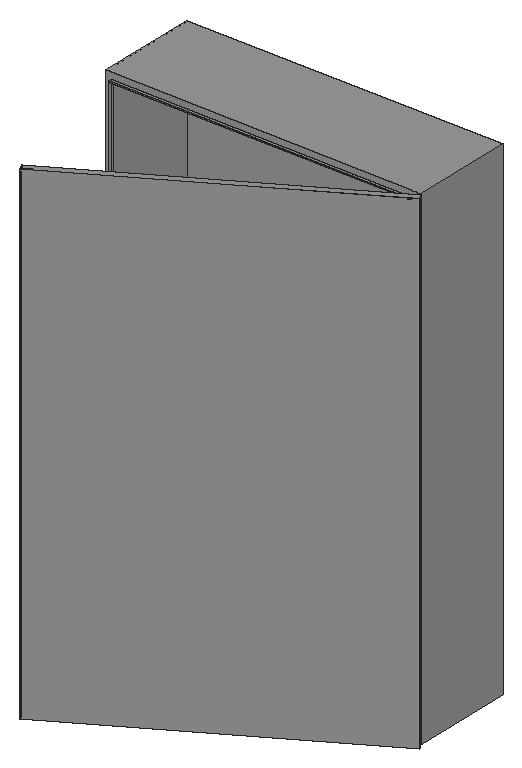
Revit family "Hager-Univers-IP55-D275-H1250-Cl.II-Steel_encl-NoHosted-PL-pl", category Electrical Equipment, Revit 2020
Family settings
  Panel Configuration = Two Columns, Circuits Across
  Round Connector Dimension = Use Diameter
  Part Type = Panelboard
  Work Plane-Based = Yes
  Always vertical = Yes
  Cut with Voids When Loaded = No
  Shared = No
  Room Calculation Point = No
Parameters (values of type "Montaż natynkowy IP55 S800 W1250 G275  - FR83S")
  Width Control [instance] = if([EF000008 - Szerokość] > Min Width, [EF000008 - Szerokość], Min Width)  # 800 mm
  Type Comments = [HG000003 - Zakres]  # "Univers"
  Thickness Door [instance] = if([EF009171 - Drzwi/pokrywa z materiału o wysokiej wytrzymałości mechanicznej] > 3 mm, 3 mm, [EF009171 - Drzwi/pokrywa z materiału o wysokiej wytrzymałości mechanicznej])  # 1.5 mm
  Seal Frame Offset [instance] = 17 mm  # constant formula
  Plinth Visibility [instance] = [HG000027 - Wysokość cokołu] > 0 mm  # no
  Min Width [instance] = 100 mm  # constant formula
  Min Depth [instance] = (2 * [EF009170 - Obudowa z materiału o wysokiej wytrzymałości mechanicznej]) + 1 mm  # 4 mm
  Min Height [instance] = 100 mm  # constant formula
  Internal Frame Depth [instance] = (Door System Depth * 0.5)  # 9 mm
  Panel Name [instance] = ""  # (empty or 0)
  Model = ""
  HG000027 - Wysokość cokołu = 0 mm
  HG000026 - Stojąca = no
  HG000024 - Wysokość części dolnej = 600 mm
  HG000023 - Obudowa dwusekcyjna = no
  HG000016 - Widoczność drzwi w widoku 3D [instance] = yes
  HG000015 - Przestrzeń robocza - otwarcie drzwi [instance] = no
  HG000014 - Drzwi prawe [instance] = yes
  HG000013 - Drzwi lewe [instance] = not([HG000014 - Drzwi prawe])  # no
  HG000012 - Kąt otwarcia drzwi [instance] = 30.00°
  HG000010 - Drzwi asymetryczne = no
  HG000009 - Drzwi dwuskrzydłowe = no
  HG000006 - Montaż podtynkowy = no
  HG000004 - Referencja producenta = "FR83S"
  HG000003 - Zakres = "Univers"
  HG000002 - Z drzwiami lub pokrywą = yes
  Frame Offset Bottom [instance] = 10 mm  # constant formula
  Frame Offset [instance] = 15 mm  # constant formula
  EF015940 - Pokrywa z wyzwalaczem nadciśnieniowym = no
  EF011959 - Stopień ochrony (NEMA) = ""
  EF009554 - Liczba otworów pod flansze = 6
  EF009212 - Wykonanie pokrywy = "EV000116 - Zamknięty"
  EF009171 - Drzwi/pokrywa z materiału o wysokiej wytrzymałości mechanicznej = 1.5 mm
  EF009170 - Obudowa z materiału o wysokiej wytrzymałości mechanicznej = 1.5 mm
  EF008873 - Prąd znamionowy (In) = 800 A
  EF007800 - Do ochrony odgromowej = no
  EF006306 - Z zamkiem = no
  EF006244 - Transparentna pokrywa/drzwi = no
  EF005474 - Stopień ochrony (IP) = "EV006420 - IP55"
  EF004464 - Rodzaj drzwi = "EV002646 - Pojedynczy"
  EF004427 - Liczba modułów = 288
  EF004293 - Odporność udarowa = "EV008784 - IK10"
  EF003532 - Do zastosowań zewnętrznych = no
  EF002950 - Szerokość wyrażona liczbą modułów = 24
  EF001613 - Podtrzymanie funkcji = "EV000494 - Brak"
  EF001596 - Materiał obudowy = "EV000179 - Stal"
  EF001131 - Głębokość wewnętrzna = 275 mm
  EF001088 - Możliwość rozbudowy = yes
  EF000437 - Liczba wejść kablowych = 6
  EF000339 - Rodzaj pokrywy = "EV004216 - Drzwi"
  EF000266 - Liczba rzędów = 8
  EF000218 - Głębokość wbudowania = 0 mm
  EF000118 - Z płytą montażową = no
  EF000116 - Numer RAL = "7035"
  EF000049 - Głębokość = 275 mm
  EF000040 - Wysokość = 1250 mm
  EF000008 - Szerokość = 800 mm
  EF000007 - Kolor = "EV000270 - Szary"
  EF000003 - Sposób montażu = "EV000384 - Montaż natynkowy"
  Door System Leaf Tolerance [instance] = 1.5 mm  # constant formula
  Door System Depth [instance] = 18 mm  # constant formula
  Door Height [instance] = Height Control - [HG000027 - Wysokość cokołu]  # 1250 mm
  Description = ""
  Default Elevation = 1219.2 mm
  Connector Offset [instance] = Height Control / 2  # 625 mm
  Manufacturer = "Hager"  # constant formula
  Height Control [instance] = if([EF000040 - Wysokość] > Min Height, [EF000040 - Wysokość], Min Height)  # 1250 mm
  Depth Control [instance] = if([EF000049 - Głębokość] > Min Depth, [EF000049 - Głębokość], Min Depth)  # 275 mm
  Bottom Top Plate Trim [instance] = 1.5 mm  # constant formula
  Plinth height Ctrl [instance] = if([HG000027 - Wysokość cokołu] > 0 mm, [HG000027 - Wysokość cokołu], 12 mm)  # 12 mm
Types (5, lengths in mm): name | Width Control | HG000010 - Drzwi asymetryczne | HG000009 - Drzwi dwuskrzydłowe | HG000004 - Referencja producenta | EF009554 - Liczba otworów pod flansze | EF004464 - Rodzaj drzwi | EF004427 - Liczba modułów | EF000437 - Liczba wejść kablowych | EF000008 - Szerokość
  Montaż natynkowy IP55 S1050 W1250 G275  - FR84S | 1050 | no | yes | "FR84S" | 8 | "EV003602 - Podwójny" | 384 | 8 | 1050
  Montaż natynkowy IP55 S1300 W1250 G275  - FR85S | 1300 | yes | yes | "FR85S" | 10 | "EV003602 - Podwójny" | 480 | 10 | 1300
  Montaż natynkowy IP55 S300 W1250 G275  - FR81S | 300 | no | no | "FR81S" | 2 | "EV002646 - Pojedynczy" | 96 | 2 | 300
  Montaż natynkowy IP55 S550 W1250 G275  - FR82S | 550 | no | no | "FR82S" | 4 | "EV002646 - Pojedynczy" | 192 | 4 | 550
  Montaż natynkowy IP55 S800 W1250 G275  - FR83S | 800 | no | no | "FR83S" | 6 | "EV002646 - Pojedynczy" | 288 | 6 | 800
Reference planes
  plane 1 "Center (Front/Back)": y = 0
  plane 2: z = 0
  plane 3 "Center (Left/Right)": x = 0
  plane 4: y = 0
  plane 5: y = 0
  plane 6: z = 0
  plane 7: x = -400
  plane 8: x = 400
  plane 9: x = 398.5
  plane 10: x = -398.5
  plane 11: z = 0
  plane 12: z = 1.5
  plane 13: y = -275
  plane 14: y = -1.5
  plane 15: x = 0
  plane 16: y = -257
  plane 17: y = -273.5
  plane 18: y = -255.5
  plane 19: x = -383.5
  plane 20: x = 383.5
  plane 21: z = 11.5
  plane 22: x = -383
  plane 23: x = 383
  plane 24: z = 0
  plane 25: z = 1250
  plane 26: z = 1250
  plane 27: z = 1233.5
  plane 28: z = 1248.5
Forms (mm)
  Extrusion 1, solid, material "Hager_Steel_RAL7035_Light_Grey", detail levels medium+fine
    sketch origin (-208.679, -4572, 0) x (-1, 0, 0) y (0, -1, 0)
      loop
        line (191.321, -4315) -> (-608.679, -4315) -> (-608.679, -4572) -> (191.321, -4572) -> (191.321, -4315)
    from 0 to 1250
  Extrusion 2, void
    sketch origin (-350.771, -275, 1219.2) x (1, 0, 0) y (0, 0, 1)
      loop
        line (-47.729, 29.3) -> (-47.729, -1217.7) -> (749.271, -1217.7) -> (749.271, 29.3) -> (-47.729, 29.3)
    from -19.5 to -273.5
  Extrusion 3, void
    sketch origin (-290.084, -257, 1219.2) x (1, 0, 0) y (0, 0, 1)
      loop
        line (-93.416, -1207.7) -> (673.584, -1207.7) -> (673.584, 14.3) -> (-93.416, 14.3) -> (-93.416, -1207.7)
    from 0 to -1.5
  Extrusion 4, solid, material "Hager_Steel_RAL7035_Light_Grey", visible <- "Plinth Visibility", detail levels medium+fine
    sketch origin (0, 0, 0) x (1, 0, 0) y (0, 1, 0)
      loop
        line (-400, 0) -> (-400, -257) -> (400, -257) -> (400, 0) -> (-400, 0)
    from 0 to 12 <- "Plinth height Ctrl"
  Extrusion 5, solid, material "Hager_Steel_RAL7035_Light_Grey", detail levels coarse
    sketch origin (0, 0, 0) x (1, 0, 0) y (0, 1, 0)
      loop
        line (-400, 0) -> (-400, -275) -> (400, -275) -> (400, 0) -> (-400, 0)
    from 0 to 1250 <- "Height Control"
  Sweep 6, void
    path in 3D
      loop
        line (-400, -257, 12) -> (400, -257, 12) -> (400, 0, 12) -> (-400, 0, 12) -> (-400, -257, 12)
    profile origin (-400, -128.5, 12) x (1, 0, 0) y (0, 0, 1)
      loop
        line (0, 0) -> (0, -1.5) -> (1.5, -1.5)
        arc (1.5, -1.5) -> (1.061, -0.439) -> (0, 0) r 1.5
  Extrusion 7, solid, material "Hager_Steel_RAL7035_Light_Grey", detail levels fine
    sketch origin (-400, -257, 0) x (1, 0, 0) y (0, 0, 1)
      loop
        line (16.5, 11.5) -> (783.5, 11.5) -> (783.5, 1233.5) -> (16.5, 1233.5) -> (16.5, 11.5)
      loop
        line (15, 10) -> (785, 10) -> (785, 1235) -> (15, 1235) -> (15, 10)
    from 0 to 9 <- "Internal Frame Depth"
Cuts and joins
  Extrusion 2, Extrusion 3 cuts Extrusion 1
  Sweep 6 cuts Extrusion 4
Lines and regions (mm)
  Masking region 1
    outline origin (0, 0, 0) x (1, 0, 0) y (0, 1, 0)
      loop
        line (-400, 0) -> (-400, -275) -> (400, -275) -> (400, 0) -> (-400, 0)
  Masking region 2, detail levels coarse
    outline origin (-290.084, -257, 1219.2) x (-1, 0, 0) y (0, 0, 1)
      loop
        line (-690.084, -1219.2) -> (109.916, -1219.2) -> (109.916, 30.8) -> (-690.084, 30.8) -> (-690.084, -1219.2)
  Masking region 3, detail levels coarse
    outline origin (0, 0, 0) x (0, 1, 0) y (0, 0, 1)
      loop
        line (0, 0) -> (0, 1250) -> (-275, 1250) -> (-275, 0) -> (0, 0)
  Masking region 4, visible <- "Plinth Visibility", detail levels medium+fine
    outline origin (0, 0, 0) x (0, 1, 0) y (0, 0, 1)
      loop
        line (-1.5, 12) -> (-255.5, 12)
        arc (-255.5, 12) -> (-255.939, 10.939) -> (-257, 10.5) r 1.5
        line (-257, 10.5) -> (-257, 0) -> (0, 0) -> (0, 10.5)
        arc (0, 10.5) -> (-1.061, 10.939) -> (-1.5, 12) r 1.5
  Masking region 5, detail levels medium+fine
    outline origin (0, 0, 594.038) x (0, 1, 0) y (0, 0, 1)
      loop
        line (0, -594.038) -> (0, 655.962) -> (-257, 655.962) -> (-257, -594.038) -> (0, -594.038)
  Masking region 6, detail levels medium+fine
    outline origin (-359.7, -257, 1211.883) x (-1, 0, 0) y (0, 0, 1)
      loop
        line (-759.7, -1211.883) -> (40.3, -1211.883) -> (40.3, 38.117) -> (-759.7, 38.117) -> (-759.7, -1211.883)
  Masking region 7, visible <- "Plinth Visibility", detail levels medium+fine
    outline origin (-320.334, -257, 1041.368) x (-1, 0, 0) y (0, 0, 1)
      loop
        line (-720.334, -1041.368) -> (79.666, -1041.368) -> (79.666, -1030.868)
        arc (79.666, -1030.868) -> (78.606, -1030.429) -> (78.166, -1029.368) r 1.5
        line (78.166, -1029.368) -> (-718.834, -1029.368)
        arc (-718.834, -1029.368) -> (-719.273, -1030.429) -> (-720.334, -1030.868) r 1.5
        line (-720.334, -1030.868) -> (-720.334, -1041.368)
  sketch lines
    curve 1: line (-400, 0, 12) -> (-400, -257, 12)
    curve 2: line (-400, -257, 12) -> (400, -257, 12)
    curve 3: line (400, 0, 12) -> (-400, 0, 12)
    curve 4: line (400, -257, 12) -> (400, 0, 12)
Dimensions and locks
  locked: plane 1 "Center (Front/Back)" to plane 5
  "EF009170 - Obudowa z materiału o wysokiej wytrzymałości mechanicznej": plane 7 to plane 10
  "EF009170 - Obudowa z materiału o wysokiej wytrzymałości mechanicznej": plane 8 to plane 9
  equal spacing: plane 7, plane 3 "Center (Left/Right)", plane 8
  "Width Control": plane 7 to plane 8
  "Depth Control": plane 4 to plane 13
  "EF009170 - Obudowa z materiału o wysokiej wytrzymałości mechanicznej": plane 4 to plane 14
  "Height Control": plane 25 to level
  "HG000027 - Wysokość cokołu": plane 11 to level
  "EF009170 - Obudowa z materiału o wysokiej wytrzymałości mechanicznej": plane 12 to plane 11
  "EF009170 - Obudowa z materiału o wysokiej wytrzymałości mechanicznej": plane 17 to plane 13
  "EF009170 - Obudowa z materiału o wysokiej wytrzymałości mechanicznej": plane 18 to plane 16
  "Frame Offset Bottom": plane 21 to plane 12
  "Frame Offset": plane 10 to plane 19
  "Frame Offset": plane 9 to plane 20
  "Door System Depth": plane 16 to plane 13
  "Seal Frame Offset": plane 7 to plane 22
  "Seal Frame Offset": plane 8 to plane 23
  "EF009170 - Obudowa z materiału o wysokiej wytrzymałości mechanicznej": plane 26 to plane 28
  "Frame Offset": plane 28 to plane 27
  "Connector Offset": plane 2 to connector elem
  "Bottom Top Plate Trim": profile plane to Sweep 6 sketch curve
  "Bottom Top Plate Trim": Sweep 6 sketch curve to Sweep 6 sketch curve
  "Plinth height Ctrl": Masking region 4 sketch curve to level
  "Plinth height Ctrl": Masking region 7 sketch curve to level
  "Thickness Door": Extrusion 7 sketch curve to Extrusion 7 sketch curve  (x4)
  "Bottom Top Plate Trim": radius of Sweep 6 sketch curve
  "Bottom Top Plate Trim": radius of Masking region 4 sketch curve  (x2)
  "Bottom Top Plate Trim": radius of Masking region 7 sketch curve  (x2)
  aligned and locked: Extrusion 2 sketch curve to plane 12
  aligned and locked: Extrusion 2 sketch curve to plane 9
  aligned and locked: Extrusion 2 sketch curve to plane 10
  aligned and locked: Extrusion 2 to plane 14
  aligned and locked: Extrusion 1 sketch curve to plane 4
  aligned and locked: plane 8 to Extrusion 1 sketch curve
  aligned and locked: plane 7 to Extrusion 1 sketch curve
  aligned and locked: Extrusion 2 to plane 18
  aligned and locked: Extrusion 3 sketch curve to plane 19
  aligned and locked: plane 20 to Extrusion 3 sketch curve
  aligned and locked: Extrusion 3 to Extrusion 2
  aligned and locked: Extrusion 3 sketch curve to plane 21
  aligned and locked: plane 3 "Center (Left/Right)" to nested 1
  aligned and locked: Extrusion 1 sketch curve to plane 16
  aligned and locked: Extrusion 4 sketch curve to cut or joined group of Extrusion 1, Extrusion 2, Extrusion 3
  aligned and locked: Masking region 1 sketch curve to plane 7
  aligned and locked: Masking region 1 sketch curve to plane 5
  aligned and locked: Masking region 1 sketch curve to plane 8
  aligned and locked: Masking region 2 sketch curve to level
  aligned and locked: level to Masking region 3 sketch curve
  aligned and locked: plane 1 "Center (Front/Back)" to Masking region 3 sketch curve
  aligned and locked: plane 13 to Masking region 3 sketch curve
  aligned and locked: plane 5 to Masking region 4 sketch curve
  aligned and locked: Masking region 2 sketch curve to plane 8
  aligned and locked: Masking region 2 sketch curve to plane 7
  aligned and locked: plane 7 to nested 2
  aligned and locked: nested 2 to plane 5
  aligned and locked: plane 5 to Masking region 5 sketch curve
  aligned and locked: plane 26 to Masking region 5 sketch curve
  aligned and locked: Extrusion 5 sketch curve to plane 8
  aligned and locked: Extrusion 5 sketch curve to plane 7
  aligned and locked: Extrusion 5 sketch curve to plane 5
  aligned and locked: Extrusion 3 sketch curve to plane 27
  aligned and locked: Extrusion 2 sketch curve to plane 28
  aligned and locked: Masking region 2 to plane 25
  aligned and locked: Extrusion 4 to plane 16
  aligned and locked: profile plane to Sweep 6 sketch curve
  aligned and locked: Masking region 5 sketch curve to plane 24
  aligned and locked: level to Masking region 4 sketch curve
  aligned and locked: Masking region 1 to plane 13
  aligned and locked: nested 1 to plane 16
  aligned and locked: Masking region 3 to plane 25
  aligned and locked: plane 16 to Masking region 4 sketch curve
  aligned and locked: Masking region 5 sketch curve to plane 16
  aligned and locked: plane 24 to plane 11
  aligned and locked: plane 26 to plane 25
  aligned and locked: plane 26 to cut or joined group of Extrusion 1, Extrusion 2, Extrusion 3
  aligned and locked: nested 1 to plane 24
  aligned and locked: Extrusion 1 to Extrusion 3
  aligned and locked: Masking region 6 sketch curve to plane 8
  aligned and locked: Masking region 6 sketch curve to plane 24
  aligned and locked: Masking region 6 sketch curve to plane 7
  aligned and locked: Masking region 6 sketch curve to plane 26
  aligned and locked: Masking region 7 sketch curve to plane 7
  aligned and locked: level to Masking region 7 sketch curve
  aligned and locked: Masking region 7 sketch curve to plane 8
  aligned and locked: Extrusion 7 sketch curve to cut or joined group of Extrusion 1, Extrusion 2, Extrusion 3  (x4)
Automatic sketch dimensions
  plane 19 to Extrusion 3 sketch curve = 0 mm
  Extrusion 3 sketch curve to plane 20 = 0 mm
  Extrusion 3 sketch curve to plane 21 = 0 mm
  Extrusion 4 sketch curve to plane 7 = 0 mm
  Extrusion 4 sketch curve to plane 8 = 0 mm
  Extrusion 4 sketch curve to plane 16 = 0 mm
  Masking region 1 sketch curve to plane 13 = 0 mm
  Masking region 2 sketch curve to plane 25 = 0 mm
  Masking region 3 sketch curve to plane 25 = 0 mm
  Extrusion 5 sketch curve to plane 13 = 0 mm
  profile plane to Sweep 6 sketch curve = 0 mm
Nested families
  nested 1: "EC000058_Univers_Door" at (0, -257, 0), Double <- "HG000009 - Drzwi dwuskrzydłowe", Transparent <- "EF006244 - Transparentna pokrywa/drzwi", Angle <- "HG000012 - Kąt otwarcia drzwi", Door_Right <- "HG000014 - Drzwi prawe", Assymetrical <- "HG000010 - Drzwi asymetryczne", Door <- "HG000002 - Z drzwiami lub pokrywą", Width_Ctrl <- "Width Control", 3d_Door <- "HG000016 - Widoczność drzwi w widoku 3D", Clearance <- "HG000015 - Przestrzeń robocza - otwarcie drzwi", Door_Left <- "HG000013 - Drzwi lewe", Width <- "Width Control", Door_Depth <- "Door System Depth", Leaf_Tolerance <- "Door System Leaf Tolerance", Height <- "Door Height", Lock_Visibility <- "EF006306 - Z zamkiem", Thickness <- "Thickness Door", type "EC000058_Univers_Door", detail levels medium+fine
    with min_wh 4 mm, Width_Ctrl 800 mm, Width 800 mm, Transparent no, Thickness 1.5 mm, Seal_Material Hager_Rubber, Lock_Visibility no, Lock_Material Hager_Plastic_RAL9005_Jet_Black, Leaf_Width 800 mm, Leaf_Tolerance_External_Sides 0 mm, Leaf_Tolerance 1.5 mm, Leaf_Offset 0 mm, Leaf_Height 1247 mm, Leaf_2_Width 800 mm, Leaf_2_Offset 400 mm, Leaf_1_Width 800 mm, Leaf_1_Offset 400 mm, Height_Ctrl 1250 mm, Height 1250 mm, Glass_Material Hager_Glass, Double_Clearance_Ctrl no, Double no, Door_Right_Ctrl yes, Door_Right yes, Door_Material Hager_Steel_RAL7035_Light_Grey, Door_Left_Ctrl no, Door_Left no, Door_Depth 18 mm, Door yes, Clearance_Material Hager_Clearance, Clearance_Depth 800 mm, Clearance_Ctrl no, Clearance no, Assymetrical no, Angle 30.00°, 3d_Door yes
  nested 2: "Hager_Enclosure_Symbol" at (-400, 0, 0), Height <- "Depth Control", Width <- "Width Control", type "Hager_Enclosure_Symbol"
    with Width_Ctrl 800 mm, Width 800 mm, Height_Ctrl 275 mm, Height 275 mm, A_Width_Int 18.047 mm, A_Width 216.562 mm, A_Height_Ctrl 240.625 mm, A_Height 240.625 mm
Connectors
  electrical at (0, 0, 625)
    settings: on plane 1 "Center (Front/Back)", index 1, voltage 0 V, apparent load 0 VA, apparent load phase1 0 VA, apparent load phase2 0 VA, apparent load phase3 0 VA, power factor 1, load classification "Other", number of poles 1, system type 30, power factor state 1, is connector primary yes, connector utility no, sub classification motor no, connector description ""
Definition of nested family "EC000058_Univers_Door"
  Parameters (values of type "EC000058_Univers_Door")
    min_wh [instance] = (2 * Thickness) + 1 mm  # 11 mm
    Width_Ctrl [instance] = 400 mm
    Width [instance] = 500 mm
    Transparent [instance] = yes
    Thickness [instance] = 5 mm
    Seal_Material [instance] = none
    Lock_Visibility [instance] = yes
    Lock_Material [instance] = none
    Leaf_Width [instance] = if((Width_Ctrl - 2 * Leaf_Tolerance_External_Sides) > 0 mm, (Width_Ctrl - 2 * Leaf_Tolerance_External_Sides), min_wh)  # 400 mm
    Leaf_Tolerance_External_Sides [instance] = 0 mm  # constant formula
    Leaf_Tolerance [instance] = 1.5 mm
    Leaf_Offset [instance] = 0 mm  # constant formula
    Leaf_Height [instance] = if((Height_Ctrl - 2 * Leaf_Tolerance) > 0 mm, (Height_Ctrl - 2 * Leaf_Tolerance), min_wh)  # 497 mm
    Leaf_2_Width [instance] = if(and(and(Double, Assymetrical), Door_Left), (Leaf_Width / 3) - (Leaf_Tolerance / 2), if(and(and(Double, Assymetrical), Door_Right), (Leaf_Width / 3) * 2 - (Leaf_Tolerance / 2), if(and(Double, not(Assymetrical)), (Leaf_Width / 2) - Leaf_Tolerance, Leaf_Width)))  # 400 mm
    Leaf_2_Offset [instance] = if(and(Double, Assymetrical), Leaf_2_Width / 2, if(and(Double, not(Assymetrical)), Leaf_Width / 4, Leaf_Width / 2))  # 200 mm
    Leaf_1_Width [instance] = if(and(and(Double, Assymetrical), Door_Right), (Leaf_Width / 3) - (Leaf_Tolerance / 2), if(and(and(Double, Assymetrical), Door_Left), (Width / 3) * 2 - (Leaf_Tolerance / 2), if(and(Double, not(Assymetrical)), (Leaf_Width / 2) - Leaf_Tolerance, Leaf_Width)))  # 400 mm
    Leaf_1_Offset [instance] = if(and(Double, Assymetrical), Leaf_1_Width / 2, if(and(Double, not(Assymetrical)), Leaf_Width / 4, Leaf_Width / 2))  # 200 mm
    Height_Ctrl [instance] = if(Height > min_wh, Height, min_wh)  # 500 mm
    Height [instance] = 500 mm
    Glass_Material [instance] = none
    Double_Clearance_Ctrl [instance] = and(Double, Clearance)  # no
    Double [instance] = no
    Door_Right_Ctrl [instance] = and(or(Door_Right, Double), Door)  # yes
    Door_Right [instance] = yes
    Door_Material [instance] = none
    Door_Left_Ctrl [instance] = and(or(Door_Left, Double), Door)  # no
    Door_Left [instance] = no
    Door_Depth [instance] = 30 mm
    Door [instance] = yes
    Default Elevation = 1219.2 mm
    Clearance_Material [instance] = none
    Clearance_Depth [instance] = if(Leaf_1_Width > Leaf_2_Width, Leaf_1_Width, Leaf_2_Width)  # 400 mm
    Clearance_Ctrl [instance] = and(not(Double), Clearance)  # yes
    Clearance [instance] = yes
    Assymetrical [instance] = yes
    Angle [instance] = 30.00°
    3d_Door [instance] = yes
  Reference planes
    plane 1 "Center (Front/Back)": y = 0
    plane 2 "Bottom": z = 0
    plane 3 "Center (Left/Right)": x = 0
    plane 4: z = 500
    plane 5: x = -200
    plane 6: x = 200
    plane 7: z = 500
    plane 8: x = -200
    plane 9: z = 0
    plane 10: x = 200
    plane 11: y = 0
    plane 12: z = 1.5
    plane 13: x = -600
    plane 14: y = -400
    plane 15: x = 600
    plane 16: x = 0
    plane 17: x = 0
    plane 18: x = -200
    plane 19: x = 200
    plane 20: z = 498.5
  Forms (mm)
    Extrusion 1, solid, material <- "Clearance_Material", visible <- "Double_Clearance_Ctrl"
      sketch origin (1200, 0, 0) x (1, 0, 0) y (0, 0, -1)
        loop
          line (-1800, -498.5) -> (-600, -498.5) -> (-600, 0) -> (-1800, 0) -> (-1800, -498.5)
      from 0 to -400
  Dimensions and locks
    equal spacing: plane 5, plane 3 "Center (Left/Right)", plane 6
    "Width_Ctrl": plane 5 to plane 6
    "Leaf_Offset": plane 5 to plane 8
    "Leaf_Offset": plane 6 to plane 10
    "Leaf_Offset": plane 9 to level
    "Leaf_Offset": plane 4 to plane 7
    "Height_Ctrl": plane 4 to level
    "Leaf_Tolerance": plane 12 to plane 9
    locked: plane 11 to plane 1 "Center (Front/Back)"
    "Leaf_1_Offset": plane 18 to plane 16
    "Leaf_2_Offset": plane 17 to plane 19
    "Leaf_1_Width": plane 13 to plane 8
    "Leaf_2_Width": plane 10 to plane 15
    "Clearance_Depth": plane 14 to plane 1 "Center (Front/Back)"
    "Leaf_Tolerance_External_Sides": plane 8 to plane 18
    "Leaf_Tolerance_External_Sides": plane 19 to plane 10
    "Leaf_Tolerance": plane 7 to plane 20
    aligned and locked: level to plane 2 "Bottom"
    aligned and locked: nested 1 to plane 16
    aligned and locked: nested 2 to plane 17
    aligned and locked: Extrusion 1 to plane 13
    aligned and locked: plane 15 to Extrusion 1
    aligned and locked: Extrusion 1 to plane 14
    aligned and locked: plane 12 to nested 1
    aligned and locked: nested 2 to plane 12
    aligned and locked: Extrusion 1 to plane 11
    aligned and locked: plane 20 to Extrusion 1
    aligned and locked: nested 2 to plane 11
    aligned and locked: nested 1 to plane 11
  Automatic sketch dimensions
    Extrusion 1 sketch curve to level = 0 mm
    plane 5 to Extrusion 1 sketch curve = 400 mm
    plane 6 to Extrusion 1 sketch curve = 400 mm
    Extrusion 1 sketch curve to plane 4 = 1.5 mm
  Nested families
    nested 1: "EC000058_Univers_Door_Leaf" at (0, 0, 1.5), Width <- "Leaf_1_Width", visible <- "Door_Left_Ctrl", Leaf_Height <- "Leaf_Height", Angle <- "Angle", 3d_Door <- "3d_Door", Transparent <- "Transparent", Clearance Material <- "Clearance_Material", Clearance <- "Clearance_Ctrl", Door_Material <- "Door_Material", Glass_Material <- "Glass_Material", Door_Depth <- "Door_Depth", Lock_Material <- "Lock_Material", Seal_Material <- "Seal_Material", Lock_Visibility <- "Lock_Visibility", Thickness <- "Thickness", type "EC000058_Univers_Door_Leaf"
      with Width 400 mm, Transparent_Glass_Offset 30 mm, Transparent_Ctrl yes, Transparent yes, Thickness 5 mm, Standard no, Seal_Material none, Seal_D2 8 mm, Seal_D1 1 mm, Offset_Internal_Frame 10 mm, Lock_Width 20 mm, Lock_Visibility_3d yes, Lock_Visibility yes, Lock_Thickness_3 3 mm, Lock_Thickness_2 1 mm, Lock_Thickness_1 3 mm, Lock_Radius_Offset_2 16 mm, Lock_Radius_Offset_1 15 mm, Lock_Radius_2 5 mm, Lock_Radius 6 mm, Lock_Offset 5 mm, Lock_Material none, Lock_Height 80 mm, Lock_Cover_Top_Offset_2d 17 mm, Lock_Cover_Height -65 mm, Leaf_Height 497 mm, Internal_Seal_Thickness 8 mm, Internal_Seal_Depth_2 4.5 mm, Internal_Frame_Depth 25 mm, Glass_Thickness -1 mm, Glass_Offset -2 mm, Glass_Material none, Door_Material none, Door_Depth 30 mm, Clearance Material none, Clearance yes, Angle_Ctrl 30.00°, Angle 30.00°, 3d_Door yes
    nested 2: "EC000058_Univers_Door_Leaf" at (0, 0, 1.5) x (-1, 0, 0) z (0, 0, 1), Width <- "Leaf_2_Width", visible <- "Door_Right_Ctrl", Leaf_Height <- "Leaf_Height", Angle <- "Angle", 3d_Door <- "3d_Door", Transparent <- "Transparent", Clearance Material <- "Clearance_Material", Clearance <- "Clearance_Ctrl", Door_Material <- "Door_Material", Glass_Material <- "Glass_Material", Door_Depth <- "Door_Depth", Lock_Material <- "Lock_Material", Seal_Material <- "Seal_Material", Lock_Visibility <- "Lock_Visibility", Thickness <- "Thickness", type "EC000058_Univers_Door_Leaf"
      with Width 400 mm, Transparent_Glass_Offset 30 mm, Transparent_Ctrl yes, Transparent yes, Thickness 5 mm, Standard no, Seal_Material none, Seal_D2 8 mm, Seal_D1 1 mm, Offset_Internal_Frame 10 mm, Lock_Width 20 mm, Lock_Visibility_3d yes, Lock_Visibility yes, Lock_Thickness_3 3 mm, Lock_Thickness_2 1 mm, Lock_Thickness_1 3 mm, Lock_Radius_Offset_2 16 mm, Lock_Radius_Offset_1 15 mm, Lock_Radius_2 5 mm, Lock_Radius 6 mm, Lock_Offset 5 mm, Lock_Material none, Lock_Height 80 mm, Lock_Cover_Top_Offset_2d 17 mm, Lock_Cover_Height -65 mm, Leaf_Height 497 mm, Internal_Seal_Thickness 8 mm, Internal_Seal_Depth_2 4.5 mm, Internal_Frame_Depth 25 mm, Glass_Thickness -1 mm, Glass_Offset -2 mm, Glass_Material none, Door_Material none, Door_Depth 30 mm, Clearance Material none, Clearance yes, Angle_Ctrl 30.00°, Angle 30.00°, 3d_Door yes
  Definition of nested family "EC000058_Univers_Door_Leaf"
    Parameters (values of type "EC000058_Univers_Door_Leaf")
      Width [instance] = 2000 mm
      Transparent_Glass_Offset [instance] = 30 mm
      Transparent_Ctrl [instance] = and(Transparent, [3d_Door])  # yes
      Transparent [instance] = yes
      Thickness [instance] = 5 mm
      Standard [instance] = and(not(Transparent), [3d_Door])  # no
      Seal_Material [instance] = none
      Seal_D2 [instance] = 8 mm  # constant formula
      Seal_D1 [instance] = 1 mm  # constant formula
      Offset_Internal_Frame [instance] = 10 mm  # constant formula
      Lock_Width [instance] = 20 mm  # constant formula
      Lock_Visibility_3d [instance] = and(Lock_Visibility, [3d_Door])  # yes
      Lock_Visibility [instance] = yes
      Lock_Thickness_3 [instance] = 3 mm  # constant formula
      Lock_Thickness_2 [instance] = 1 mm  # constant formula
      Lock_Thickness_1 [instance] = 3 mm  # constant formula
      Lock_Radius_Offset_2 [instance] = Lock_Radius_Offset_1 + 1 mm  # 16 mm
      Lock_Radius_Offset_1 [instance] = 15 mm  # constant formula
      Lock_Radius_2 [instance] = Lock_Radius - 1 mm  # 5 mm
      Lock_Radius [instance] = 6 mm  # constant formula
      Lock_Offset [instance] = 5 mm  # constant formula
      Lock_Material [instance] = none
      Lock_Height [instance] = 80 mm  # constant formula
      Lock_Cover_Top_Offset_2d [instance] = Lock_Radius_Offset_2 + 1 mm  # 17 mm
      Lock_Cover_Height [instance] = -(Lock_Height - Lock_Radius_Offset_1)  # -65 mm
      Leaf_Height [instance] = 2720.336 mm
      Internal_Seal_Thickness [instance] = 8 mm  # constant formula
      Internal_Seal_Depth_2 [instance] = 4.5 mm  # constant formula
      Internal_Frame_Depth [instance] = if(Door_Depth - Thickness > 5 mm, Door_Depth - Thickness, 5 mm)  # 25 mm
      Glass_Thickness [instance] = if(Thickness > 15 mm, Glass_Offset + 10 mm, -1 mm)  # -1 mm
      Glass_Offset [instance] = if(Thickness > 15 mm, -(Thickness + 10 mm) / 2, -2 mm)  # -2 mm
      Glass_Material [instance] = none
      Door_Material [instance] = none
      Door_Depth [instance] = 30 mm
      Default Elevation = 0 mm
      Clearance Material [instance] = none
      Clearance [instance] = yes
      Angle_Ctrl [instance] = if(Angle > 180.00°, 180.00°, Angle)  # 90.00°
      Angle [instance] = 90.00°
      3d_Door [instance] = yes
    Reference planes
      plane 1 "Center (Front/Back)": y = 0
      plane 2: z = 0
      plane 3 "Center (Left/Right)": x = 0
      plane 4: y = 2000
      plane 5: x = -1000
      plane 6: x = 1000
      plane 7: x = -3000
      plane 8: z = 2720.336
      plane 9: z = 30
      plane 10: z = 2690.336
      plane 11: x = 970
      plane 12: x = -970
      plane 13: y = -3
      plane 14: z = 107.833
      plane 15: y = -5
      plane 16: y = -223.314
      plane 17: x = -1000
      plane 18: z = 1360.168
      plane 19: y = 30
    Forms (mm)
      Extrusion 1, solid, material <- "Clearance Material", visible <- "Clearance"
        sketch origin (0, 0, 0) x (1, 0, 0) y (0, 0, 1)
          loop
            line (-3000, 2720.336) -> (-3000, 0) -> (1000, 0) -> (1000, 2720.336) -> (-3000, 2720.336)
        from 0 to -2000
      Extrusion 2, solid, material <- "Door_Material", visible <- "Standard", detail levels medium+fine
        sketch origin (-1000, 0, 0) x (0, 1, 0) y (-1, 0, 0)
          loop
            line (0, 30) -> (0, 25) -> (2000, 25) -> (2000, 30) -> (0, 30)
        from 0 to 2720.336 <- "Leaf_Height"
      Extrusion 3, solid, material <- "Door_Material", visible <- "Transparent_Ctrl", detail levels medium+fine
        sketch origin (-1000, 0, 0) x (0, 1, 0) y (-1, 0, 0)
          loop
            line (0, 25) -> (2000, 25) -> (2000, 30) -> (0, 30) -> (0, 25)
        from 0 to 2720.336 <- "Leaf_Height"
      Extrusion 4, void
        sketch origin (-1025, 2000, 0) x (0, 1, 0) y (0, 0, -1)
          loop
            line (-30, -2690.336) -> (-30, -30) -> (-1970, -30) -> (-1970, -2690.336) -> (-30, -2690.336)
        from 0 to 5 <- "Thickness"
      Sweep 5, solid, material <- "Seal_Material", visible <- "Transparent_Ctrl", detail levels fine
        path in 3D
          loop
            line (-1025, 30, 30) -> (-1025, 30, 2690.336) -> (-1025, 1970, 2690.336) -> (-1025, 1970, 30) -> (-1025, 30, 30)
        profile origin (-1025, 1000, 30) x (1, 0, 0) y (0, 0, 1)
          loop
            line (0, 0) -> (0, -8) -> (1, -8) -> (1, 0) -> (0, 0)
      Extrusion 6, solid, material <- "Glass_Material", visible <- "Transparent_Ctrl", detail levels medium+fine
        sketch origin (-1030, 0, 0) x (0, 1, 0) y (0, 0, -1)
          loop
            line (1970, -2690.336) -> (1970, -30) -> (30, -30) -> (30, -2690.336) -> (1970, -2690.336)
        from -2 <- "Glass_Offset" to -1 <- "Glass_Thickness"
      Extrusion 7, solid, material <- "Door_Material", visible <- "3d_Door", detail levels medium+fine
        sketch origin (-1025, 2000, 0) x (0, -1, 0) y (0, 0, -1)
          loop
            line (0, -2720.336) -> (2000, -2720.336) -> (2000, 0) -> (0, 0) -> (0, -2720.336)
          loop
            line (1995, -5) -> (5, -5) -> (5, -2715.336) -> (1995, -2715.336) -> (1995, -5)
        from 0 to 25 <- "Internal_Frame_Depth"
      Sweep 8, solid, material <- "Seal_Material", visible <- "Transparent_Ctrl", detail levels fine
        path in 3D
          loop
            line (-1025, 0, 0) -> (-1025, 2000, 0) -> (-1025, 2000, 2720.336) -> (-1025, 0, 2720.336) -> (-1025, 0, 0)
        profile origin (-1025, 0, 1360.168) x (1, 0, 0) y (0, 1, 0)
          loop
            line (0, 10) -> (2.975, 10)
            arc (2.975, 10) -> (4.053, 10.447) -> (4.5, 11.525) r 1.525
            line (4.5, 11.525) -> (4.5, 16.527)
            arc (4.5, 16.527) -> (4.069, 17.569) -> (3.027, 18) r 1.473
            line (3.027, 18) -> (0, 18) -> (0, 10)
      Extrusion 9, solid, material <- "Lock_Material", visible <- "Lock_Visibility_3d", detail levels fine
        sketch origin (-1030, 0, 0) x (0, 1, 0) y (0, 0, -1)
          loop
            arc (1993.5, -1400.168) -> (1994.561, -1399.729) -> (1995, -1398.668) r 1.5
            line (1995, -1398.668) -> (1995, -1320.168) -> (1975, -1320.168) -> (1975, -1398.668)
            arc (1975, -1398.668) -> (1975.439, -1399.729) -> (1976.5, -1400.168) r 1.5
            line (1976.5, -1400.168) -> (1993.5, -1400.168)
        from 3 <- "Lock_Thickness_1" to 0
      Blend 10, solid, material <- "Lock_Material", visible <- "Lock_Visibility_3d", detail levels fine
        base sketch origin (-1033, 0, 0) x (0, 1, 0) y (0, 0, -1)
          loop
            line (1975, -1320.168) -> (1975, -1398.668)
            arc (1975, -1398.668) -> (1975.439, -1399.729) -> (1976.5, -1400.168) r 1.5
            line (1976.5, -1400.168) -> (1993.5, -1400.168)
            arc (1993.5, -1400.168) -> (1994.561, -1399.729) -> (1995, -1398.668) r 1.5
            line (1995, -1398.668) -> (1995, -1320.168) -> (1975, -1320.168)
        top sketch origin (-1033, 0, 0) x (0, 1, 0) y (0, 0, -1)
          loop
            line (1976, -1320.168) -> (1976, -1398.668)
            arc (1976, -1398.668) -> (1976.146, -1399.022) -> (1976.5, -1399.168) r 0.5
            line (1976.5, -1399.168) -> (1993.5, -1399.168)
            arc (1993.5, -1399.168) -> (1993.854, -1399.022) -> (1994, -1398.668) r 0.5
            line (1994, -1398.668) -> (1994, -1320.168) -> (1976, -1320.168)
        from 0 to 1 <- "Lock_Thickness_2"
      Blend 11, solid, material <- "Lock_Material", visible <- "Lock_Visibility_3d", detail levels fine
        base sketch origin (-1034, 0, 0) x (0, 1, 0) y (0, 0, -1)
          loop
            line (1978, -1320.168) -> (1978, -1384.168)
            arc (1978, -1384.168) -> (1985, -1391.168) -> (1992, -1384.168) r 7
            line (1992, -1384.168) -> (1992, -1320.168) -> (1978, -1320.168)
        top sketch origin (-1034, 0, 0) x (0, 1, 0) y (0, 0, -1)
          loop
            line (1991, -1320.168) -> (1979, -1320.168) -> (1979, -1383.168)
            arc (1979, -1383.168) -> (1985, -1389.168) -> (1991, -1383.168) r 6
            line (1991, -1383.168) -> (1991, -1320.168)
        from 0 to 3 <- "Lock_Thickness_3"
      Extrusion 12, solid, material <- "Lock_Material", visible <- "Lock_Visibility_3d", detail levels fine
        sketch origin (-1030, 1975, 1320.168) x (1, 0, 0) y (0, -1, 0)
          loop
            line (-7, -19) -> (-7, -1) -> (0, -1) -> (0, 0) -> (-8, 0) -> (-8, -20) -> (0, -20) -> (0, -19) -> (-7, -19)
        from 0 to -65 <- "Lock_Cover_Height"
      Extrusion 13, void
        sketch origin (-1038, 1995, 1320.168) x (-1, 0, 0) y (0, 0, -1)
          loop
            line (-5, -65) -> (0, -65) -> (-5, -60) -> (-5, -65)
        from 0 to 20 <- "Lock_Width"
      Extrusion 14, void
        sketch origin (-1038, 1975, 1320.168) x (0, -1, 0) y (0, 0, -1)
          loop
            circle (-10, -15.995) r 6
          loop
            circle (-10, -15.995) r 5
        from 0 to 2
      Extrusion 15, solid, material <- "Lock_Material", visible <- "Lock_Visibility_3d", detail levels medium
        sketch origin (-1030, 0, 0) x (0, 1, 0) y (0, 0, -1)
          loop
            arc (1993.5, -1400.168) -> (1994.561, -1399.729) -> (1995, -1398.668) r 1.5
            line (1995, -1398.668) -> (1995, -1320.168) -> (1975, -1320.168) -> (1975, -1398.668)
            arc (1975, -1398.668) -> (1975.439, -1399.729) -> (1976.5, -1400.168) r 1.5
            line (1976.5, -1400.168) -> (1993.5, -1400.168)
        from 8 to 0
    Cuts and joins
      Extrusion 4 cuts Extrusion 3
      Extrusion 13, Extrusion 14 cuts Extrusion 9
      Extrusion 14 cuts Blend 11
      Extrusion 13, Extrusion 14 cuts Extrusion 12
      joined: Extrusion 9, Blend 10, Blend 11, Extrusion 12
      Extrusion 14 cuts Extrusion 15
    Lines and regions (mm)
      Masking region 1, visible <- "Lock_Visibility", detail levels fine
        outline origin (0, 0, 0) x (0, 1, 0) y (0, 0, 1)
          loop
            line (30, 1320.168) -> (33, 1320.168) -> (33, 1400.168) -> (30, 1400.168) -> (30, 1320.168)
      Masking region 2, visible <- "Lock_Visibility", detail levels fine
        outline origin (0, 3.143, 0) x (0, 1, 0) y (0, 0, 1)
          loop
            line (29.857, 1354.168) -> (30.857, 1354.168) -> (30.857, 1366.168) -> (29.857, 1366.168) -> (29.857, 1354.168)
      Masking region 3, detail levels medium+fine
        outline origin (0, 0, 0) x (0, 1, 0) y (0, 0, 1)
          loop
            line (0, 0) -> (30, 0) -> (30, 2720.336) -> (0, 2720.336) -> (0, 0)
      Masking region 4, detail levels medium+fine
        outline origin (0, 0, 0) x (1, 0, 0) y (0, 0, 1)
          loop
            line (-1000, 2720.336) -> (-1000, 0) -> (1000, 0) -> (1000, 2720.336) -> (-1000, 2720.336)
      Masking region 5, visible <- "Lock_Visibility", detail levels fine
        outline origin (-47.116, 0, 0) x (1, 0, 0) y (0, 0, 1)
          loop
            arc (1024.616, 1399.168) -> (1023.556, 1398.729) -> (1023.116, 1397.668) r 1.5
            line (1023.116, 1397.668) -> (1023.116, 1320.168) -> (1041.116, 1320.168) -> (1041.116, 1397.668)
            arc (1041.116, 1397.668) -> (1040.677, 1398.729) -> (1039.616, 1399.168) r 1.5
            line (1039.616, 1399.168) -> (1024.616, 1399.168)
      Masking region 6, visible <- "Lock_Visibility", detail levels medium+fine
        outline origin (-25, 0, 0) x (1, 0, 0) y (0, 0, 1)
          loop
            arc (1001.5, 1400.168) -> (1000.439, 1399.729) -> (1000, 1398.668) r 1.5
            line (1000, 1398.668) -> (1000, 1320.168) -> (1020, 1320.168) -> (1020, 1398.668)
            arc (1020, 1398.668) -> (1019.561, 1399.729) -> (1018.5, 1400.168) r 1.5
            line (1018.5, 1400.168) -> (1001.5, 1400.168)
      Masking region 7, visible <- "Lock_Visibility", detail levels fine
        outline origin (-73.735, 0, 0) x (1, 0, 0) y (0, 0, 1)
          loop
            line (1051.735, 1382.168) -> (1065.735, 1382.168) -> (1065.735, 1384.168)
            arc (1065.735, 1384.168) -> (1058.735, 1391.168) -> (1051.735, 1384.168) r 7
            line (1051.735, 1384.168) -> (1051.735, 1382.168)
      Masking region 8, visible <- "Lock_Visibility", detail levels fine
        outline origin (-73.735, 0, 0) x (1, 0, 0) y (0, 0, 1)
          loop
            line (1052.735, 1382.168) -> (1064.735, 1382.168) -> (1064.735, 1383.168)
            arc (1064.735, 1383.168) -> (1058.735, 1389.168) -> (1052.735, 1383.168) r 6
            line (1052.735, 1383.168) -> (1052.735, 1382.168)
      Masking region 9, visible <- "Lock_Visibility", detail levels fine
        outline origin (-25, 0, 0) x (1, 0, 0) y (0, 0, 1)
          loop
            line (1020, 1320.168) -> (1020, 1382.168) -> (1000, 1382.168) -> (1000, 1320.168) -> (1020, 1320.168)
      Masking region 10, detail levels medium+fine
        outline origin (0, 0, 0) x (1, 0, 0) y (0, 0, 1)
          loop
            circle (985, 1335.144) r 6
      Masking region 11, detail levels fine
        outline origin (0, 0, 0) x (1, 0, 0) y (0, 0, 1)
          loop
            circle (985, 1335.144) r 5
      Masking region 12, visible <- "Lock_Visibility", detail levels fine
        outline origin (0, 12.767, 0) x (0, 1, 0) y (0, 0, 1)
          loop
            line (20.233, 1320.168) -> (21.233, 1320.168) -> (21.233, 1399.168) -> (20.233, 1400.168) -> (20.233, 1320.168)
      Masking region 13, visible <- "Lock_Visibility", detail levels fine
        outline origin (0, 13.767, -10) x (0, 1, 0) y (0, 0, 1)
          loop
            line (20.233, 1330.168) -> (23.233, 1330.168) -> (23.233, 1399.168) -> (20.233, 1402.168) -> (20.233, 1330.168)
      Masking region 14, visible <- "Lock_Visibility", detail levels fine
        outline origin (0, 12.767, -10) x (0, 1, 0) y (0, 0, 1)
          loop
            line (20.233, 1330.168) -> (25.233, 1330.168) -> (25.233, 1399.305) -> (20.233, 1394.305) -> (20.233, 1330.168)
      Masking region 15, visible <- "Lock_Visibility", detail levels medium
        outline origin (0, 0, 0) x (0, 1, 0) y (0, 0, 1)
          loop
            line (30, 1320.168) -> (38, 1320.168) -> (38, 1400.168) -> (30, 1400.168) -> (30, 1320.168)
      Masking region 16, visible <- "Lock_Visibility", detail levels fine
        outline origin (-1000, 0, 0) x (0, 1, 0) y (-1, 0, 0)
          loop
            line (1975, 30) -> (1995, 30) -> (1995, 38) -> (1975, 38) -> (1975, 30)
          loop
            line (1979, 37) -> (1976, 37) -> (1976, 34) -> (1978, 34) -> (1979, 37)
          loop
            line (1994, 37) -> (1991, 37) -> (1992, 34) -> (1994, 34) -> (1994, 37)
      Masking region 17, visible <- "Lock_Visibility", detail levels medium
        outline origin (-1000, 0, 0) x (0, 1, 0) y (-1, 0, 0)
          loop
            line (1975, 30) -> (1995, 30) -> (1995, 38) -> (1975, 38) -> (1975, 30)
      symbolic lines
        curve 1: line (1000, 0, 0) -> (-3000, 0, 0)
        curve 2: arc (1000, 0, 0) -> (-1000, 2000, 0) -> (-3000, 0, 0) r 2000
        curve 4: line (-1030, 0, 0) -> (-1030, 2000, 0)
      reference lines
        curve 3: line (-1000, 0, 0) -> (-1000, 2000, 0)
      symbolic lines, detail levels medium+fine
        curve 5: line (-1030, 2000, 0) -> (-1025, 2000, 0)
        curve 7: line (-1025, 0, 0) -> (-1030, 0, 0)
        curve 8: line (-1025, 0, 0) -> (-1000, 0, 0)
        curve 9: line (-1000, 0, 0) -> (-1000, 2000, 0)
        curve 10: line (-1000, 2000, 0) -> (-1025, 2000, 0)
      symbolic lines, detail levels fine
        curve 6: line (-1025, 2000, 0) -> (-1025, 0, 0)
      sketch lines
        curve 11: line (-1025, 0, 2720.336) -> (-1025, 0, 0)
        curve 12: line (-1025, 2000, 0) -> (-1025, 0, 0)
        curve 13: line (-1025, 2000, 2720.336) -> (-1025, 2000, 0)
        curve 14: line (-1025, 0, 2720.336) -> (-1025, 2000, 2720.336)
        curve 15: line (-1025, 1970, 30) -> (-1025, 30, 30)
        curve 16: line (-1025, 30, 30) -> (-1025, 30, 2690.336)
        curve 17: line (-1025, 1970, 2690.336) -> (-1025, 1970, 30)
        curve 18: line (-1025, 30, 2690.336) -> (-1025, 1970, 2690.336)
      symbolic lines, visible <- "Transparent", detail levels medium+fine
        curve 19: line (-970, 0, 2690.336) -> (970, 0, 2690.336)
        curve 20: line (-970, 0, 30) -> (-970, 0, 2690.336)
        curve 21: line (970, 0, 30) -> (-970, 0, 30)
        curve 22: line (970, 0, 2690.336) -> (970, 0, 30)
    Dimensions and locks
      "Width": plane 1 "Center (Front/Back)" to plane 4
      equal spacing: plane 5, plane 3 "Center (Left/Right)", plane 6
      "Width": plane 5 to plane 6
      "Width": plane 7 to plane 5
      "Leaf_Height": plane 8 to level
      "Width": curve 5 to curve 3
      "Width": curve 3 to curve 3
      plane 8 to plane 10 = 30 mm
      plane 9 to level = 30 mm
      plane 12 to plane 5 = 30 mm
      plane 6 to plane 11 = 30 mm
      Extrusion 1 to Extrusion 4 sketch curve = 30 mm
      "Transparent_Glass_Offset": curve 3 to Extrusion 4 sketch curve
      "Transparent_Glass_Offset": Extrusion 4 sketch curve to cut or joined group of Extrusion 3, Extrusion 4  (x2)
      cut or joined group of Extrusion 3, Extrusion 4 to Extrusion 6 sketch curve = 30 mm
      "Transparent_Glass_Offset": cut or joined group of Extrusion 3, Extrusion 4 to Extrusion 4 sketch curve
      "Thickness": curve 6 to curve 4
      "Thickness": Extrusion 7 sketch curve to Extrusion 7 sketch curve  (x4)
      "Door_Depth": curve 4 to curve 3
      "Offset_Internal_Frame": profile plane to Sweep 8 sketch curve
      "Internal_Seal_Thickness": Sweep 8 sketch curve to Sweep 8 sketch curve
      "Internal_Seal_Depth_2": profile plane to Sweep 8 sketch curve
      "Seal_D1": profile plane to Sweep 5 sketch curve
      "Seal_D2": profile plane to Sweep 5 sketch curve
      "Thickness": Extrusion 2 sketch curve to Extrusion 2 sketch curve
      equal spacing: Extrusion 9 sketch curve, plane 18, Extrusion 9 sketch curve  (x2)
      equal spacing: Masking region 1 sketch curve, plane 18, Masking region 1 sketch curve
      "Lock_Height": Masking region 1 sketch curve to Masking region 1 sketch curve
      "Lock_Radius": Masking region 2 sketch curve to plane 18 to Masking region 2 sketch curve
      Masking region 2 sketch curve to Masking region 1 = 1 mm
      "Door_Depth": plane 19 to plane 1 "Center (Front/Back)"
      "Lock_Thickness_1": Masking region 1 sketch curve to plane 19
      "Lock_Width": Extrusion 9 sketch curve to Extrusion 9 sketch curve
      "Lock_Height": Extrusion 9 sketch curve to Extrusion 9 sketch curve
      "Lock_Offset": cut or joined group of Extrusion 3, Extrusion 4 to Extrusion 9 sketch curve
      equal spacing: plane 8, plane 18, level
      "Lock_Radius_Offset_1": Blend 11 sketch curve to Blend 10
      locked: Blend 10 to Blend 11 sketch curve at 2  (x2)
      locked: var sketch to Blend 11 sketch curve at 1  (x2)
      "Lock_Radius_Offset_2": Blend 11 sketch curve to Blend 10
      locked: Extrusion 12 sketch curve to Extrusion 12 sketch curve at 1  (x3)
      Masking region 6 sketch curve to Masking region 6 sketch curve = 80 mm
      "Lock_Height": Masking region 6 sketch curve to Masking region 6 sketch curve
      "Lock_Width": Masking region 6 sketch curve to Masking region 6 sketch curve
      locked: Masking region 6 to Masking region 5 sketch curve at 1  (x3)
      locked: Masking region 5 to Masking region 7 sketch curve at 2  (x2)
      "Lock_Radius_Offset_1": Masking region 5 to Masking region 7 sketch curve
      "Lock_Radius_Offset_2": Masking region 5 to Masking region 8 sketch curve
      locked: Masking region 7 to Masking region 8 sketch curve at 1  (x2)
      "Lock_Cover_Top_Offset_2d": Masking region 5 to Masking region 9 sketch curve
      equal spacing: Masking region 9, Masking region 10 sketch curve, Masking region 9
      equal spacing: Masking region 9, Masking region 11 sketch curve, Masking region 9
      Extrusion 15 sketch curve to Extrusion 15 sketch curve = 80 mm
      "Lock_Width": Extrusion 15 sketch curve to Extrusion 15 sketch curve
      "Lock_Height": Extrusion 15 sketch curve to Extrusion 15 sketch curve
      equal spacing: Extrusion 15 sketch curve, plane 18, Extrusion 15 sketch curve
      "Lock_Thickness_3": Masking region 13 sketch curve to Masking region 13 sketch curve
      "Lock_Height": Masking region 12 sketch curve to Masking region 12 sketch curve
      locked: Masking region 13 sketch curve to Masking region 1 at 8
      locked: Masking region 14 sketch curve to Masking region 13 at 1
      locked: Masking region 14 sketch curve to Masking region 1 at 10.863
      "Lock_Height": Masking region 15 sketch curve to Masking region 15 sketch curve
      "Lock_Offset": Extrusion 15 sketch curve to cut or joined group of Extrusion 3, Extrusion 4
      "Lock_Offset": plane 6 to Masking region 6 sketch curve
      radius of Sweep 8 sketch curve = 1.525 mm
      radius of Sweep 8 sketch curve = 1.473 mm
      radius of Extrusion 9 sketch curve = 1.5 mm  (x2)
      "Lock_Radius": radius of Extrusion 14 sketch curve
      "Lock_Radius_2": radius of Extrusion 14 sketch curve
      "Lock_Radius": radius of Masking region 10 sketch curve
      "Lock_Radius_2": radius of Masking region 11 sketch curve
      radius of Extrusion 15 sketch curve = 1.5 mm  (x2)
      "Angle_Ctrl": angle plane 1 "Center (Front/Back)" to curve 3
      locked: Masking region 12 sketch curve to Masking region 12 sketch curve (angle 45.00°)
      locked: Masking region 13 sketch curve to Masking region 13 sketch curve (angle 45.00°)
      locked: Masking region 14 sketch curve to Masking region 14 sketch curve (angle 45.00°)
      aligned and locked: level to plane 2
      aligned and locked: Extrusion 1 to curve 1
      aligned and locked: plane 6 to Extrusion 1
      aligned and locked: Extrusion 1 to plane 1 "Center (Front/Back)"
      aligned and locked: plane 4 to Extrusion 1
      aligned and locked: plane 8 to Extrusion 1
      aligned and locked: curve 7 to Extrusion 2 sketch curve
      aligned and locked: curve 5 to Extrusion 2 sketch curve
      aligned and locked: curve 7 to Extrusion 3 sketch curve
      aligned and locked: Extrusion 3 sketch curve to curve 4
      aligned and locked: Extrusion 3 sketch curve to curve 6
      aligned and locked: Extrusion 3 sketch curve to curve 5
      aligned and locked: curve 9 to curve 3
      aligned and locked: Extrusion 7 sketch curve to cut or joined group of Extrusion 3, Extrusion 4  (x4)
      aligned and locked: plane 17 to curve 3
      aligned and locked: plane 1 "Center (Front/Back)" to curve 3
      aligned and locked: plane 17 to plane 5
      aligned and locked: Sweep 8 sketch curve to profile plane
      aligned and locked: Sweep 5 sketch curve to profile plane  (x2)
      aligned and locked: Masking region 1 to Masking region 2 sketch curve
      aligned and locked: plane 19 to Masking region 1 sketch curve
      aligned and locked: plane 1 "Center (Front/Back)" to Masking region 3 sketch curve
      aligned and locked: plane 19 to Masking region 3 sketch curve
      aligned and locked: level to Masking region 3 sketch curve
      aligned and locked: Masking region 3 sketch curve to plane 8
      aligned and locked: plane 17 to Masking region 4 sketch curve
      aligned and locked: level to Masking region 4 sketch curve
      aligned and locked: Masking region 4 sketch curve to plane 8
      aligned and locked: plane 12 to curve 20
      aligned and locked: plane 10 to curve 19
      aligned and locked: plane 11 to curve 22
      aligned and locked: curve 21 to plane 9
      aligned and locked: Extrusion 2 sketch curve to cut or joined group of Extrusion 3, Extrusion 4
      aligned and locked: Blend 10 sketch curve to Extrusion 9  (x4)
      aligned and locked: Extrusion 9 to Blend 10 sketch curve
      aligned and locked: Blend 10 to Blend 11 sketch curve
      aligned and locked: Extrusion 12 sketch curve to Blend 11
      aligned and locked: Extrusion 12 sketch curve to Extrusion 9  (x4)
      aligned and locked: Masking region 5 sketch curve to Masking region 6
      aligned and locked: Masking region 9 sketch curve to Masking region 6  (x3)
      aligned and locked: Masking region 12 sketch curve to Masking region 1
      aligned and locked: Masking region 13 sketch curve to Masking region 1
      aligned and locked: Masking region 12 to Masking region 14
      aligned and locked: Masking region 14 sketch curve to Masking region 1
      aligned and locked: Masking region 15 sketch curve to Masking region 14
      aligned and locked: Masking region 13 sketch curve to Masking region 12
      aligned and locked: Masking region 16 sketch curve to cut or joined group of Extrusion 14, Extrusion 15  (x4)
      aligned and locked: Masking region 16 sketch curve to cut or joined group of Extrusion 9, Blend 10, Blend 11, Extrusion 12, Extrusion 13, Extrusion 14  (x6)
      aligned and locked: cut or joined group of Extrusion 9, Blend 10, Blend 11, Extrusion 12, Extrusion 13, Extrusion 14 to Masking region 16 sketch curve
      aligned and locked: Masking region 17 sketch curve to cut or joined group of Extrusion 14, Extrusion 15  (x3)
      aligned and locked: Masking region 17 sketch curve to cut or joined group of Extrusion 9, Blend 10, Blend 11, Extrusion 12, Extrusion 13, Extrusion 14
      aligned and locked: Masking region 9 to Masking region 8 sketch curve
      aligned and locked: Masking region 9 to Masking region 7 sketch curve
    Automatic sketch dimensions
      plane 1 "Center (Front/Back)" to curve 2 = 0 mm
      curve 2 to plane 5 = 0 mm
      Extrusion 1 sketch curve to level = 0 mm
      Extrusion 1 sketch curve to plane 7 = 0 mm
      Extrusion 1 sketch curve to plane 6 = 0 mm
      Extrusion 1 sketch curve to plane 8 = 0 mm
      Extrusion 3 to Extrusion 6 sketch curve = 30 mm  (x4)
      Masking region 4 sketch curve to plane 6 = 0 mm
      Blend 10 sketch curve to Extrusion 9 = 1.5 mm
      Blend 10 sketch curve to Extrusion 9 = 1 mm
      Extrusion 13 sketch curve to Extrusion 12 = 0 mm  (x2)
      Extrusion 12 to Extrusion 13 sketch curve = 3 mm
      Extrusion 13 sketch curve to Extrusion 12 = 5 mm
      Extrusion 14 sketch curve to Extrusion 14 sketch curve = 0 mm  (x2)
      Extrusion 14 sketch curve to Extrusion 12 = 10 mm
      Extrusion 14 sketch curve to Extrusion 12 = 15.995 mm
      Masking region 5 sketch curve to Masking region 5 sketch curve = 1.5 mm  (x2)
      Masking region 10 sketch curve to plane 18 = 25.024 mm
      Masking region 11 sketch curve to plane 18 = 25.024 mm
      plane 19 to Masking region 14 sketch curve = 3 mm
      Masking region 16 sketch curve to Masking region 16 sketch curve = 3 mm
      curve 4 to curve 3 = 0 mm
      Blend 10 to Blend 11 sketch curve = 0 mm
      Masking region 6 sketch curve to Masking region 6 sketch curve = 1.5 mm  (x2)
      Masking region 6 sketch curve to plane 18 = 40 mm
      plane 19 to Masking region 12 sketch curve = 3 mm
      Masking region 12 sketch curve to Masking region 12 sketch curve = 1 mm
      Masking region 15 sketch curve to plane 19 = 0 mm
      Masking region 15 sketch curve to plane 18 = 40 mm
      radius of Blend 10 sketch curve to Extrusion 9 = 1 mm
Definition of nested family "Hager_Enclosure_Symbol"
  Parameters (values of type "Hager_Enclosure_Symbol")
    Width_Ctrl [instance] = if(Width > 1 mm, Width, 1 mm)  # 102.27 mm
    Width [instance] = 102.27 mm
    Height_Ctrl [instance] = if(Height > 1 mm, Height, 1 mm)  # 66.5 mm
    A_Width_Int [instance] = if(A_Width / 12 > 2 mm, A_Width / 12, 2 mm)  # 4.364 mm
    A_Width [instance] = if(A_Height_Ctrl * 0.9 > 2 mm, A_Height_Ctrl * 0.9, 2 mm)  # 52.369 mm
    A_Height_Ctrl [instance] = if(A_Height > 2 mm, A_Height, 2 mm)  # 58.188 mm
    Height [instance] = 66.5 mm
    A_Height [instance] = Height - (Height / 8)  # 58.188 mm
  Reference planes
    plane 1 "Centre (avant/arrière)": y = 0
    plane 2: z = 0
    plane 3 "Centre (gauche/droite)": x = 0
    plane 4: x = 52.369
    plane 5: y = 33.042
    plane 6: y = 41.77
    plane 7: y = 66.5
    plane 8: x = 26.184
    plane 9: y = 37.406
    plane 10: x = 102.27
    plane 11: y = 66.5
    plane 12: y = 8.313
  Lines and regions (mm)
    Filled region 1, type "Solid_Black", in view "Niveau de réf."
      outline origin (0, 0, 0) x (1, 0, 0) y (0, 1, 0)
        loop
          line (52.369, 66.5) -> (33.188, 54.536) -> (45.365, 45.006) -> (52.369, 66.5)
    Filled region 2, type "Solid_Black", in view "Niveau de réf."
      outline origin (0, 0, 0) x (1, 0, 0) y (0, 1, 0)
        loop
          line (0, 0) -> (102.27, 0) -> (102.27, 66.5) -> (0, 0)
    detail lines, in view "Niveau de réf."
      curve 1: line (0, 8.313, 0) -> (26.184, 41.77, 0)
      curve 2: line (26.184, 41.77, 0) -> (26.184, 33.042, 0)
      curve 3: line (26.184, 33.042, 0) -> (52.369, 66.5, 0)
  Dimensions and locks
    "A_Width": plane 3 "Centre (gauche/droite)" to plane 4
    equal spacing: plane 3 "Centre (gauche/droite)", plane 8, plane 4
    equal spacing: plane 6, plane 9, plane 5
    equal spacing: curve 3, Filled region 1 sketch curve, Filled region 1 sketch curve
    "Height_Ctrl": plane 1 "Centre (avant/arrière)" to plane 11
    "A_Height_Ctrl": plane 11 to plane 12
    equal spacing: plane 11, plane 9, plane 12
    "A_Width_Int": plane 6 to plane 9
    "Width_Ctrl": plane 3 "Centre (gauche/droite)" to plane 10
    angle Filled region 1 sketch curve to curve 3 = 20.00°
    angle curve 3 to Filled region 1 sketch curve = 20.00°
    locked: curve 3 to Filled region 1 sketch curve (angle 90.00°)
    aligned and locked: plane 10 to Filled region 2
    aligned and locked: plane 11 to Filled region 2 sketch curve
    aligned and locked: plane 10 to Filled region 2 sketch curve
    aligned and locked: plane 3 "Centre (gauche/droite)" to curve 1
    aligned and locked: plane 12 to curve 1
    aligned and locked: plane 7 to plane 11
  Automatic sketch dimensions
    Filled region 1 sketch curve to plane 4 = 0 mm
    Filled region 1 sketch curve to plane 7 = 0 mm
    plane 1 "Centre (avant/arrière)" to Filled region 2 sketch curve = 0 mm
    Filled region 2 sketch curve to plane 3 "Centre (gauche/droite)" = 0 mm
    curve 2 to plane 6 = 0 mm
    curve 2 to plane 8 = 0 mm
    curve 3 to plane 4 = 0 mm
    curve 2 to plane 5 = 0 mm
    curve 3 to plane 7 = 0 mm
